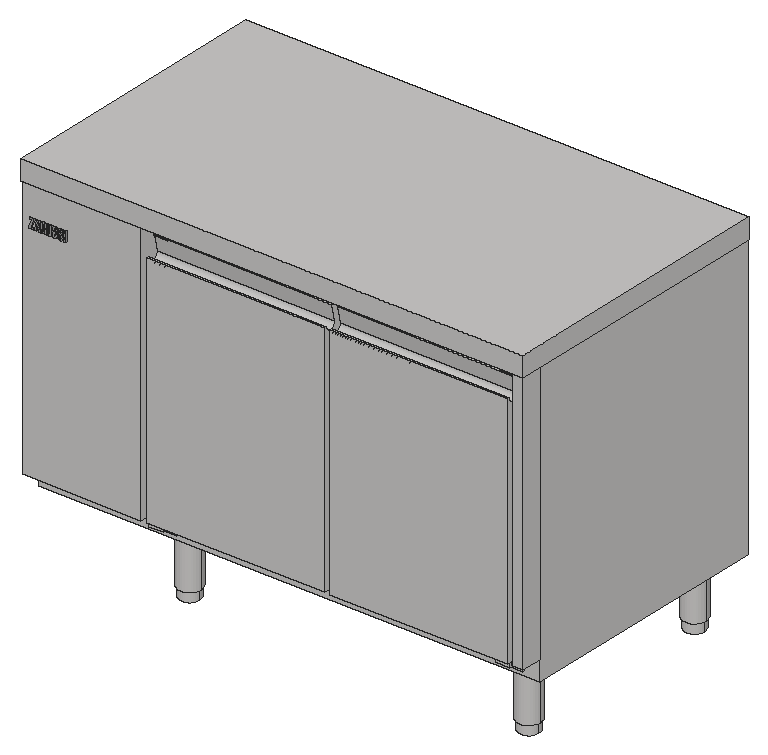
Revit family "QF_ZANUSSI_111111_ZK2HBAA", category Attrezzature speciali, Revit 2018
Family settings
  Quota connettore circolare = Usa diametro
  Tipo di parte = Normale
  Basato su piano di lavoro = No
  Sempre verticale = Sì
  Taglio con vuoti quando caricato = No
  Condiviso = No
  Punto di calcolo locali = No
Parameters (values of type "Standard")
  Weight = 94.00 kg
  Watts = 220 W
  Volts = 220 V
  URL Manufacturer = "http://www.zanussiprofessional.com"
  URL = "http://www.zanussiprofessional.com"
  Steam Supply Size = 0 mm
  Steam Supply Minimum Pressure = 0.0 Pa
  Steam Supply Maximum Pressure = 0.0 Pa
  Steam Consumption per Hour = 0
  Refrigeration Suction Line Size = 0 mm
  Refrigeration Liquid Line Size = 0 mm
  Refrigerant Compressor Remote = yes
  Produttore = "Zanussi"
  Phase = 1
  Modello = "ZK2HBAA"
  Length Actual = 1245 mm  # constant formula
  Item Number = "111111"
  Hot Water Size = 0 mm
  Height Actual = 900 mm  # constant formula
  HP = "0.3 HP"
  Gas Size = 0 mm
  Gas KW = 0
  Gas Input Pressure = 0 W
  Direct Waste Size = 0 mm
  Descrizione = "2-DOOR REFRIGERATED COUNTER, -2+10°C, AISI 304 (R290)"
  Depth Actual = 700 mm  # constant formula
  Cycle = 50 Hz
  Condensate Return Size = 0 mm
  Compressed Air Volume = 0.0 L/s
  Compressed Air Size = 0 mm
  Compressed Air Pressure = 0.0 Pa
  Cold Water Size = 0 mm
  Accessory = yes
Values of the unnamed type that differ from the named types
  Weight = 0.00 kg
  Watts = 0 W
  Volts = 0 V
  URL Manufacturer = ""
  Item Number = ""
  HP = ""
  Cycle = 0 Hz
Reference planes
  plane 1: z = 0
  plane 2 "Center (Left/Right)": x = -126.5
  plane 3 "Center (Front/Back)": y = 64.5
  plane 4 "BACK": y = 414.5
  plane 5 "FRONT": y = -285.5
  plane 6 "LEFT": x = -749
  plane 7 "RIGHT": x = 496
  plane 8 "FEET": z = 150
  plane 9 "TOP": z = 900
  plane 10 "PLAIN": z = 850
  plane 11 "EI_back": y = 105.5
  plane 12 "EI_left": x = -684
  plane 13 "BorderBack": y = 414.5
  plane 14 "BorderFront": y = -280.5
  plane 15 "DOOR": y = -230.5
  plane 16 "BorderLeft": x = -747
  plane 17 "BorderRight": x = 494
  plane 18: x = -722
  plane 19: x = 469
Forms (mm)
  Extrusion 1, solid, material "QF_Finishes_Stainless Steel"
    sketch origin (-1022.223, -1524, 150) x (-1, 0, 0) y (0, -1, 0)
      loop
        circle (-338.223, -1629.5) r 5
    from 0 to -40
  Extrusion 2, solid, material "QF_Finishes_Stainless Steel"
    sketch origin (-1022.223, -1524, 150) x (-1, 0, 0) y (0, -1, 0)
      loop
        line (-1491.223, -1293.5) -> (-1491.223, -1243.5) -> (-1516.223, -1243.5) -> (-1516.223, -1293.5) -> (-1491.223, -1293.5)
    from 48 to 700
  Extrusion 3, solid, material "QF_Finishes_Stainless Steel"
    sketch origin (-1022.223, -1524, 150) x (-1, 0, 0) y (0, -1, 0)
      loop
        line (-275.223, -1938.5) -> (-275.223, -1293.5) -> (-1516.223, -1293.5) -> (-1516.223, -1938.5) -> (-275.223, -1938.5)
    from 0 to 700
Dimensions and locks
  equal spacing: plane 6 "LEFT", plane 2 "Center (Left/Right)", plane 7 "RIGHT"
  plane 4 "BACK" to plane 5 "FRONT" = 700 mm  (x2)
  plane 8 "FEET" to level = 150 mm
  plane 4 "BACK" to plane 13 "BorderBack" = 0 mm
  plane 14 "BorderFront" to plane 5 "FRONT" = 5 mm
  plane 15 "DOOR" to plane 14 "BorderFront" = 50 mm
  plane 6 "LEFT" to plane 16 "BorderLeft" = 2 mm
  plane 17 "BorderRight" to plane 7 "RIGHT" = 2 mm
  plane 10 "PLAIN" to plane 8 "FEET" = 700 mm
  plane 9 "TOP" to plane 10 "PLAIN" = 50 mm
  plane 16 "BorderLeft" to plane 18 = 25 mm
  plane 19 to plane 17 "BorderRight" = 25 mm
  plane 13 "BorderBack" to plane 11 "EI_back" = 309 mm
  plane 16 "BorderLeft" to plane 12 "EI_left" = 63 mm
  plane 6 "LEFT" to plane 7 "RIGHT" = 1245 mm
  equal spacing: plane 4 "BACK", plane 3 "Center (Front/Back)", plane 5 "FRONT"
  aligned and locked: level to plane 1
Automatic sketch dimensions
  Extrusion 1 sketch curve to plane 11 "EI_back" = 0 mm
  Extrusion 1 sketch curve to plane 12 "EI_left" = 0 mm
  Extrusion 2 sketch curve to plane 15 "DOOR" = 0 mm
  Extrusion 2 sketch curve to plane 17 "BorderRight" = 0 mm
  Extrusion 2 sketch curve to plane 14 "BorderFront" = 0 mm
  Extrusion 2 sketch curve to plane 19 = 0 mm
  Extrusion 3 sketch curve to plane 13 "BorderBack" = 0 mm
  Extrusion 3 sketch curve to plane 17 "BorderRight" = 0 mm
  Extrusion 3 sketch curve to plane 15 "DOOR" = 0 mm
  Extrusion 3 sketch curve to plane 16 "BorderLeft" = 0 mm
  radius of Extrusion 1 sketch curve = 5 mm
Nested families
  nested 1: "HPC_PLAIN" at (0, 0, 0), type "HPC_PLAIN"
    with Show Logo yes, Show Clearance yes, Length 1245 mm
  nested 2: "HPC_Refrigerator" at (496, -280.5, 0), type "HPC_Refrigerator"
  nested 3: "HPC_FEET" at (-413, 333.5, 0), type "HPC_FEET"
  nested 4: "HPC_FEET" at (428, 333.5, 0), type "HPC_FEET"
  nested 5: "HPC_FEET" at (-413, -180.5, 0), type "HPC_FEET"
  nested 6: "HPC_FEET" at (428, -180.5, 0), type "HPC_FEET"
  nested 7: "HPC_ZAN_BI_TN_L" at (-540.08, -230.5, 598) x (1, 0, 0) z (0, -1, 0), type "HPC_ZAN_BI_TN_L"
    with Show Logo yes
  nested 8: "HPC_ZAN_SD_L" at (-219, -230.5, 512) x (1, 0, 0) z (0, -1, 0), type "HPC_ZAN_SD_L"
    with Show Clearance yes
  nested 9: "HPC_ZAN_SD_R" at (235, -230.5, 512) x (1, 0, 0) z (0, -1, 0), type "HPC_ZAN_SD_R"
    with Show Clearance yes
Connectors
  electrical at (-684, 105.5, 110), driven by "Volts"
    settings: on Extrusion 1, index 1, voltage 220 V, apparent load 0 VA, apparent load phase1 0 VA, apparent load phase2 0 VA, apparent load phase3 0 VA, power factor 1, load classification "Other", number of poles 1, system type 31, power factor state 1, is connector primary yes, connector utility no, sub classification motor no, connector description "Electrical Connection"
Definition of nested family "HPC_PLAIN"
  Parameters
    Show Logo [instance] = yes
    Show Clearance [instance] = yes
    Plain = 50 mm
    Manufacturer = ""
    Model = ""
    Length = 1000 mm
    Height = 700 mm
    Feet = 150 mm
    Depth = 700 mm
    Description = ""
  Reference planes
    plane 1 "Center (Front/Back)": y = 64.5
    plane 2: z = 0
    plane 3 "Center (Left/Right)": x = -126.5
    plane 4 "BACK": y = 414.5
    plane 5 "FRONT": y = -285.5
    plane 6 "LEFT": x = -626.5
    plane 7 "RIGHT": x = 373.5
    plane 8 "FEET": z = 150
    plane 9 "TOP": z = 900
    plane 10 "PLAIN": z = 850
  Forms (mm)
    Extrusion 1, solid
      sketch origin (-626.5, 0, 0) x (0, 1, 0) y (0, 0, 1)
        loop
          line (414.5, 900) -> (-285.5, 900) -> (-285.5, 850) -> (414.5, 850) -> (414.5, 900)
      from 0 to 1000 <- "Length"
  Lines and regions (mm)
    symbolic lines
      curve 1: line (373.5, 414.5, 150) -> (-626.5, 414.5, 150)
      curve 2: line (-626.5, 414.5, 150) -> (-626.5, -285.5, 150)
      curve 3: line (-626.5, -285.5, 150) -> (373.5, -285.5, 150)
      curve 4: line (373.5, -285.5, 150) -> (373.5, 414.5, 150)
      curve 5: line (-626.5, -230.5, 150) -> (373.5, -230.5, 150)
  Dimensions and locks
    equal spacing: plane 6 "LEFT", plane 3 "Center (Left/Right)", plane 7 "RIGHT"
    equal spacing: plane 4 "BACK", plane 1 "Center (Front/Back)", plane 5 "FRONT"
    plane 4 "BACK" to plane 5 "FRONT" = 700 mm
    "Feet": plane 8 "FEET" to level
    "Height": plane 10 "PLAIN" to plane 8 "FEET"
    "Plain": plane 9 "TOP" to plane 10 "PLAIN"
    "Length": plane 6 "LEFT" to plane 7 "RIGHT"
    "Depth": plane 4 "BACK" to plane 5 "FRONT"
    aligned and locked: level to plane 2
  Automatic sketch dimensions
    Extrusion 1 sketch curve to plane 5 "FRONT" = 0 mm
    Extrusion 1 sketch curve to plane 4 "BACK" = 0 mm
    Extrusion 1 sketch curve to plane 10 "PLAIN" = 0 mm
    Extrusion 1 sketch curve to plane 9 "TOP" = 0 mm
    curve 1 to plane 4 "BACK" = 0 mm
    plane 5 "FRONT" to curve 5 = 55 mm
    curve 5 to plane 7 "RIGHT" = 0 mm
    curve 5 to plane 6 "LEFT" = 0 mm
    curve 3 to plane 5 "FRONT" = 0 mm
Definition of nested family "HPC_FEET"
  Parameters
    FEET = 150 mm
  Reference planes
    plane 1 "Center (Front/Back)": y = 0
    plane 2: z = 0
    plane 3 "Center (Left/Right)": x = 0
    plane 4: z = 150
  Forms (mm)
    Revolve 1, solid
      sketch origin (255.05, 0, 608.09) x (0, 0, 1) y (-1, 0, 0)
        loop
          line (-608.09, 255.05) -> (-608.09, 230.05) -> (-583.09, 230.05) -> (-583.09, 226.05) -> (-458.09, 226.05) -> (-458.09, 255.05) -> (-608.09, 255.05)
        axis (-608.09, 255.05) -> (-458.09, 255.05)
      angle from 0 to 360
  Dimensions and locks
    locked: Revolve 1 sketch curve to Revolve 1 sketch curve at 125
    "FEET": plane 4 to plane 2
    aligned and locked: level to plane 2
    aligned and locked: plane 4 to Revolve 1 sketch curve
    aligned and locked: Revolve 1 sketch curve to level
    aligned and locked: plane 3 "Center (Left/Right)" to Revolve 1 sketch curve
  Automatic sketch dimensions
    Revolve 1 sketch curve to plane 3 "Center (Left/Right)" = 0 mm
    Revolve 1 sketch curve to Revolve 1 sketch curve = 25 mm
    Revolve 1 sketch curve to Revolve 1 sketch curve = 29 mm
    plane 4 to Revolve 1 sketch curve = 50 mm
    Revolve 1 sketch curve to Revolve 1 sketch curve = 20 mm
Definition of nested family "HPC_ZAN_BI_TN_L"
  Parameters
    Show Logo [instance] = yes
    Default Elevation = 1219.2 mm
  Reference planes
    plane 1 "Center (Front/Back)": y = -74
    plane 2: z = 0
    plane 3 "Center (Left/Right)": x = -59.92
    plane 4: x = -206.92
    plane 5: x = 87.08
    plane 6: y = 252
    plane 7: y = -400
  Forms (mm)
    Extrusion 1, solid
      sketch origin (0, 0, 0) x (1, 0, 0) y (0, 1, 0)
        loop
          line (-1219.2, 1219.2) -> (-1219.2, -1219.2) -> (1219.2, -1219.2) -> (1219.2, 1219.2) -> (-1219.2, 1219.2)
      from 0 to -304.8
    Extrusion 2, solid
      sketch origin (0, 0, 0) x (1, 0, 0) y (0, 1, 0)
        loop
          line (-206.92, 252) -> (-206.92, -400) -> (87.08, -400) -> (87.08, 252) -> (-206.92, 252)
      from 0 to 50
    Extrusion 3, solid, not visible
      sketch origin (0, 0, 0) x (1, 0, 0) y (0, 1, 0)
        loop
          line (-206.92, 252) -> (-206.92, -400) -> (87.08, -400) -> (87.08, 252) -> (-206.92, 252)
      from 0 to 50
    Extrusion 4, solid
      sketch origin (0, 0, 0) x (1, 0, 0) y (0, 1, 0)
        loop
          line (-176.98, 153.377) -> (-176.98, 158.29) -> (-184.348, 158.29) -> (-176.98, 173.31) -> (-176.98, 177.381) -> (-189.192, 177.381) -> (-189.192, 172.889) -> (-182.735, 173.029) -> (-189.754, 158.29) -> (-189.754, 153.377) -> (-176.98, 153.377)
        loop
          line (-169.929, 162.361) -> (-167.122, 162.361) -> (-168.525, 173.278) -> (-169.929, 162.361)
        loop
          line (-171.192, 153.377) -> (-170.491, 158.009) -> (-166.42, 158.009) -> (-165.718, 153.377) -> (-160.664, 153.377) -> (-165.156, 177.381) -> (-171.894, 177.381) -> (-176.246, 153.377) -> (-171.192, 153.377)
        loop
          line (-160.042, 177.381) -> (-160.042, 153.377) -> (-155.691, 153.377) -> (-155.691, 169.239) -> (-151.62, 153.377) -> (-146.286, 153.377) -> (-146.286, 177.381) -> (-150.778, 177.381) -> (-150.778, 162.08) -> (-154.848, 177.381) -> (-160.042, 177.381)
        loop
          arc (-145.163, 159.313) -> (-139.158, 153.338) -> (-132.389, 158.43) r 6.468
          line (-132.389, 158.43) -> (-132.389, 177.381) -> (-137.302, 177.381) -> (-137.302, 159.553)
          arc (-137.302, 159.553) -> (-138.593, 158.064) -> (-140.25, 159.132) r 1.504
          line (-140.25, 159.132) -> (-140.25, 177.381) -> (-145.163, 177.381) -> (-145.163, 159.313)
        loop
          line (-123.264, 169.8) -> (-118.632, 169.8) -> (-118.556, 171.983)
          arc (-118.556, 171.983) -> (-118.879, 174.415) -> (-120.404, 176.338) r 4.609
          arc (-120.404, 176.338) -> (-124.888, 177.8) -> (-129.372, 176.338) r 7.606
          arc (-129.372, 176.338) -> (-131.2, 172.788) -> (-130.974, 168.801) r 7.59
          arc (-130.974, 168.801) -> (-129.472, 166.597) -> (-127.628, 164.67) r 16.193
          line (-127.628, 164.67) -> (-125.559, 162.836)
          arc (-125.559, 162.836) -> (-124.336, 161.798) -> (-123.386, 160.505) r 6.904
          arc (-123.386, 160.505) -> (-123.621, 158.247) -> (-125.834, 157.743) r 1.95
          arc (-125.834, 157.743) -> (-126.501, 158.417) -> (-126.786, 159.321) r 2.021
          arc (-126.786, 159.321) -> (-126.808, 159.958) -> (-126.786, 160.595) r 9.221
          arc (-126.786, 160.595) -> (-126.765, 161.197) -> (-126.786, 161.799) r 8.711
          line (-126.786, 161.799) -> (-131.687, 161.799)
          arc (-131.687, 161.799) -> (-131.64, 158.363) -> (-130.285, 155.205) r 8.837
          arc (-130.285, 155.205) -> (-123.886, 153.382) -> (-118.495, 157.284) r 7.618
          arc (-118.495, 157.284) -> (-118.397, 161.313) -> (-120.126, 164.954) r 8.7
          line (-120.126, 164.954) -> (-125.51, 169.8)
          arc (-125.51, 169.8) -> (-126.239, 170.716) -> (-126.629, 171.818) r 3.541
          arc (-126.629, 171.818) -> (-125.243, 173.797) -> (-123.264, 172.411) r 1.708
          line (-123.264, 172.411) -> (-123.264, 169.8)
        loop
          line (-109.264, 169.8) -> (-104.632, 169.8) -> (-104.556, 171.983)
          arc (-104.556, 171.983) -> (-104.879, 174.415) -> (-106.404, 176.338) r 4.609
          arc (-106.404, 176.338) -> (-110.888, 177.8) -> (-115.372, 176.338) r 7.606
          arc (-115.372, 176.338) -> (-117.2, 172.788) -> (-116.974, 168.801) r 7.59
          arc (-116.974, 168.801) -> (-115.472, 166.597) -> (-113.628, 164.67) r 16.193
          line (-113.628, 164.67) -> (-111.559, 162.836)
          arc (-111.559, 162.836) -> (-110.336, 161.798) -> (-109.386, 160.505) r 6.904
          arc (-109.386, 160.505) -> (-109.621, 158.247) -> (-111.834, 157.743) r 1.95
          arc (-111.834, 157.743) -> (-112.501, 158.417) -> (-112.786, 159.321) r 2.021
          arc (-112.786, 159.321) -> (-112.808, 159.958) -> (-112.786, 160.595) r 9.221
          arc (-112.786, 160.595) -> (-112.765, 161.197) -> (-112.786, 161.799) r 8.711
          line (-112.786, 161.799) -> (-117.687, 161.799)
          arc (-117.687, 161.799) -> (-117.64, 158.363) -> (-116.285, 155.205) r 8.837
          arc (-116.285, 155.205) -> (-109.886, 153.382) -> (-104.495, 157.284) r 7.618
          arc (-104.495, 157.284) -> (-104.397, 161.313) -> (-106.126, 164.954) r 8.7
          line (-106.126, 164.954) -> (-111.51, 169.8)
          arc (-111.51, 169.8) -> (-112.239, 170.716) -> (-112.629, 171.818) r 3.541
          arc (-112.629, 171.818) -> (-111.243, 173.797) -> (-109.264, 172.411) r 1.708
          line (-109.264, 172.411) -> (-109.264, 169.8)
        loop
          line (-103.612, 177.381) -> (-103.612, 153.377) -> (-98.699, 153.377) -> (-98.699, 177.381) -> (-103.612, 177.381)
      from 50 to 51.6
  Lines and regions (mm)
    Split face 1
      outline origin (-12.5, 0, 50) x (1, 0, 0) y (0, 1, 0)
        loop
          line (-5.42, 177) -> (-5.42, 154) -> (64.58, 154) -> (64.58, 177) -> (-5.42, 177)
    Split face 2
      outline origin (0, 0, 50) x (1, 0, 0) y (0, 1, 0)
        loop
          line (-206.92, 188) -> (87.08, 188)
    Split face 3
      outline origin (0, 0, 50) x (1, 0, 0) y (0, 1, 0)
        loop
          arc (-163.464, 131.824) -> (-167.464, 127.824) -> (-163.464, 123.824) r 4
          line (-163.464, 123.824) -> (-121.464, 123.824)
          arc (-121.464, 123.824) -> (-117.464, 127.824) -> (-121.464, 131.824) r 4
          line (-121.464, 131.824) -> (-163.464, 131.824)
    Split face 4
      outline origin (330, 0, 50) x (1, 0, 0) y (0, 1, 0)
        loop
          arc (-328.464, 131.824) -> (-332.464, 127.824) -> (-328.464, 123.824) r 4
          line (-328.464, 123.824) -> (-286.464, 123.824)
          arc (-286.464, 123.824) -> (-282.464, 127.824) -> (-286.464, 131.824) r 4
          line (-286.464, 131.824) -> (-328.464, 131.824)
    Split face 5
      outline origin (110, 0, 50) x (1, 0, 0) y (0, 1, 0)
        loop
          arc (-218.464, 131.824) -> (-222.464, 127.824) -> (-218.464, 123.824) r 4
          line (-218.464, 123.824) -> (-176.464, 123.824)
          arc (-176.464, 123.824) -> (-172.464, 127.824) -> (-176.464, 131.824) r 4
          line (-176.464, 131.824) -> (-218.464, 131.824)
    Split face 6
      outline origin (220, 0, 50) x (1, 0, 0) y (0, 1, 0)
        loop
          arc (-273.464, 131.824) -> (-277.464, 127.824) -> (-273.464, 123.824) r 4
          line (-273.464, 123.824) -> (-231.464, 123.824)
          arc (-231.464, 123.824) -> (-227.464, 127.824) -> (-231.464, 131.824) r 4
          line (-231.464, 131.824) -> (-273.464, 131.824)
    Split face 7, not visible
      outline origin (0, 0, 50) x (1, 0, 0) y (0, 1, 0)
        loop
          arc (-163.464, 131.824) -> (-167.464, 127.824) -> (-163.464, 123.824) r 4
          line (-163.464, 123.824) -> (-121.464, 123.824)
          arc (-121.464, 123.824) -> (-117.464, 127.824) -> (-121.464, 131.824) r 4
          line (-121.464, 131.824) -> (-163.464, 131.824)
    Split face 8
      outline origin (0, -24, 50) x (1, 0, 0) y (0, 1, 0)
        loop
          arc (-163.464, 143.824) -> (-167.464, 139.824) -> (-163.464, 135.824) r 4
          line (-163.464, 135.824) -> (-121.464, 135.824)
          arc (-121.464, 135.824) -> (-117.464, 139.824) -> (-121.464, 143.824) r 4
          line (-121.464, 143.824) -> (-163.464, 143.824)
    Split face 9
      outline origin (330, -24, 50) x (1, 0, 0) y (0, 1, 0)
        loop
          arc (-328.464, 143.824) -> (-332.464, 139.824) -> (-328.464, 135.824) r 4
          line (-328.464, 135.824) -> (-286.464, 135.824)
          arc (-286.464, 135.824) -> (-282.464, 139.824) -> (-286.464, 143.824) r 4
          line (-286.464, 143.824) -> (-328.464, 143.824)
    Split face 10
      outline origin (110, -24, 50) x (1, 0, 0) y (0, 1, 0)
        loop
          arc (-218.464, 143.824) -> (-222.464, 139.824) -> (-218.464, 135.824) r 4
          line (-218.464, 135.824) -> (-176.464, 135.824)
          arc (-176.464, 135.824) -> (-172.464, 139.824) -> (-176.464, 143.824) r 4
          line (-176.464, 143.824) -> (-218.464, 143.824)
    Split face 11
      outline origin (220, -24, 50) x (1, 0, 0) y (0, 1, 0)
        loop
          arc (-273.464, 143.824) -> (-277.464, 139.824) -> (-273.464, 135.824) r 4
          line (-273.464, 135.824) -> (-231.464, 135.824)
          arc (-231.464, 135.824) -> (-227.464, 139.824) -> (-231.464, 143.824) r 4
          line (-231.464, 143.824) -> (-273.464, 143.824)
    Split face 12
      outline origin (0, -48, 50) x (1, 0, 0) y (0, 1, 0)
        loop
          arc (-163.464, 155.824) -> (-167.464, 151.824) -> (-163.464, 147.824) r 4
          line (-163.464, 147.824) -> (-121.464, 147.824)
          arc (-121.464, 147.824) -> (-117.464, 151.824) -> (-121.464, 155.824) r 4
          line (-121.464, 155.824) -> (-163.464, 155.824)
    Split face 13
      outline origin (330, -48, 50) x (1, 0, 0) y (0, 1, 0)
        loop
          arc (-328.464, 155.824) -> (-332.464, 151.824) -> (-328.464, 147.824) r 4
          line (-328.464, 147.824) -> (-286.464, 147.824)
          arc (-286.464, 147.824) -> (-282.464, 151.824) -> (-286.464, 155.824) r 4
          line (-286.464, 155.824) -> (-328.464, 155.824)
    Split face 14
      outline origin (110, -48, 50) x (1, 0, 0) y (0, 1, 0)
        loop
          arc (-218.464, 155.824) -> (-222.464, 151.824) -> (-218.464, 147.824) r 4
          line (-218.464, 147.824) -> (-176.464, 147.824)
          arc (-176.464, 147.824) -> (-172.464, 151.824) -> (-176.464, 155.824) r 4
          line (-176.464, 155.824) -> (-218.464, 155.824)
    Split face 15
      outline origin (220, -48, 50) x (1, 0, 0) y (0, 1, 0)
        loop
          arc (-273.464, 155.824) -> (-277.464, 151.824) -> (-273.464, 147.824) r 4
          line (-273.464, 147.824) -> (-231.464, 147.824)
          arc (-231.464, 147.824) -> (-227.464, 151.824) -> (-231.464, 155.824) r 4
          line (-231.464, 155.824) -> (-273.464, 155.824)
    Split face 16
      outline origin (0, -72, 50) x (1, 0, 0) y (0, 1, 0)
        loop
          arc (-163.464, 167.824) -> (-167.464, 163.824) -> (-163.464, 159.824) r 4
          line (-163.464, 159.824) -> (-121.464, 159.824)
          arc (-121.464, 159.824) -> (-117.464, 163.824) -> (-121.464, 167.824) r 4
          line (-121.464, 167.824) -> (-163.464, 167.824)
    Split face 17
      outline origin (330, -72, 50) x (1, 0, 0) y (0, 1, 0)
        loop
          arc (-328.464, 167.824) -> (-332.464, 163.824) -> (-328.464, 159.824) r 4
          line (-328.464, 159.824) -> (-286.464, 159.824)
          arc (-286.464, 159.824) -> (-282.464, 163.824) -> (-286.464, 167.824) r 4
          line (-286.464, 167.824) -> (-328.464, 167.824)
    Split face 18
      outline origin (110, -72, 50) x (1, 0, 0) y (0, 1, 0)
        loop
          arc (-218.464, 167.824) -> (-222.464, 163.824) -> (-218.464, 159.824) r 4
          line (-218.464, 159.824) -> (-176.464, 159.824)
          arc (-176.464, 159.824) -> (-172.464, 163.824) -> (-176.464, 167.824) r 4
          line (-176.464, 167.824) -> (-218.464, 167.824)
    Split face 19
      outline origin (220, -72, 50) x (1, 0, 0) y (0, 1, 0)
        loop
          arc (-273.464, 167.824) -> (-277.464, 163.824) -> (-273.464, 159.824) r 4
          line (-273.464, 159.824) -> (-231.464, 159.824)
          arc (-231.464, 159.824) -> (-227.464, 163.824) -> (-231.464, 167.824) r 4
          line (-231.464, 167.824) -> (-273.464, 167.824)
    Split face 20
      outline origin (0, -96, 50) x (1, 0, 0) y (0, 1, 0)
        loop
          arc (-163.464, 179.824) -> (-167.464, 175.824) -> (-163.464, 171.824) r 4
          line (-163.464, 171.824) -> (-121.464, 171.824)
          arc (-121.464, 171.824) -> (-117.464, 175.824) -> (-121.464, 179.824) r 4
          line (-121.464, 179.824) -> (-163.464, 179.824)
    Split face 21
      outline origin (330, -96, 50) x (1, 0, 0) y (0, 1, 0)
        loop
          arc (-328.464, 179.824) -> (-332.464, 175.824) -> (-328.464, 171.824) r 4
          line (-328.464, 171.824) -> (-286.464, 171.824)
          arc (-286.464, 171.824) -> (-282.464, 175.824) -> (-286.464, 179.824) r 4
          line (-286.464, 179.824) -> (-328.464, 179.824)
    Split face 22
      outline origin (110, -96, 50) x (1, 0, 0) y (0, 1, 0)
        loop
          arc (-218.464, 179.824) -> (-222.464, 175.824) -> (-218.464, 171.824) r 4
          line (-218.464, 171.824) -> (-176.464, 171.824)
          arc (-176.464, 171.824) -> (-172.464, 175.824) -> (-176.464, 179.824) r 4
          line (-176.464, 179.824) -> (-218.464, 179.824)
    Split face 23
      outline origin (220, -96, 50) x (1, 0, 0) y (0, 1, 0)
        loop
          arc (-273.464, 179.824) -> (-277.464, 175.824) -> (-273.464, 171.824) r 4
          line (-273.464, 171.824) -> (-231.464, 171.824)
          arc (-231.464, 171.824) -> (-227.464, 175.824) -> (-231.464, 179.824) r 4
          line (-231.464, 179.824) -> (-273.464, 179.824)
    Split face 24
      outline origin (0, -120, 50) x (1, 0, 0) y (0, 1, 0)
        loop
          arc (-163.464, 191.824) -> (-167.464, 187.824) -> (-163.464, 183.824) r 4
          line (-163.464, 183.824) -> (-121.464, 183.824)
          arc (-121.464, 183.824) -> (-117.464, 187.824) -> (-121.464, 191.824) r 4
          line (-121.464, 191.824) -> (-163.464, 191.824)
    Split face 25
      outline origin (330, -120, 50) x (1, 0, 0) y (0, 1, 0)
        loop
          arc (-328.464, 191.824) -> (-332.464, 187.824) -> (-328.464, 183.824) r 4
          line (-328.464, 183.824) -> (-286.464, 183.824)
          arc (-286.464, 183.824) -> (-282.464, 187.824) -> (-286.464, 191.824) r 4
          line (-286.464, 191.824) -> (-328.464, 191.824)
    Split face 26
      outline origin (110, -120, 50) x (1, 0, 0) y (0, 1, 0)
        loop
          arc (-218.464, 191.824) -> (-222.464, 187.824) -> (-218.464, 183.824) r 4
          line (-218.464, 183.824) -> (-176.464, 183.824)
          arc (-176.464, 183.824) -> (-172.464, 187.824) -> (-176.464, 191.824) r 4
          line (-176.464, 191.824) -> (-218.464, 191.824)
    Split face 27
      outline origin (220, -120, 50) x (1, 0, 0) y (0, 1, 0)
        loop
          arc (-273.464, 191.824) -> (-277.464, 187.824) -> (-273.464, 183.824) r 4
          line (-273.464, 183.824) -> (-231.464, 183.824)
          arc (-231.464, 183.824) -> (-227.464, 187.824) -> (-231.464, 191.824) r 4
          line (-231.464, 191.824) -> (-273.464, 191.824)
    Split face 28
      outline origin (0, -144, 50) x (1, 0, 0) y (0, 1, 0)
        loop
          arc (-163.464, 203.824) -> (-167.464, 199.824) -> (-163.464, 195.824) r 4
          line (-163.464, 195.824) -> (-121.464, 195.824)
          arc (-121.464, 195.824) -> (-117.464, 199.824) -> (-121.464, 203.824) r 4
          line (-121.464, 203.824) -> (-163.464, 203.824)
    Split face 29
      outline origin (330, -144, 50) x (1, 0, 0) y (0, 1, 0)
        loop
          arc (-328.464, 203.824) -> (-332.464, 199.824) -> (-328.464, 195.824) r 4
          line (-328.464, 195.824) -> (-286.464, 195.824)
          arc (-286.464, 195.824) -> (-282.464, 199.824) -> (-286.464, 203.824) r 4
          line (-286.464, 203.824) -> (-328.464, 203.824)
    Split face 30
      outline origin (110, -144, 50) x (1, 0, 0) y (0, 1, 0)
        loop
          arc (-218.464, 203.824) -> (-222.464, 199.824) -> (-218.464, 195.824) r 4
          line (-218.464, 195.824) -> (-176.464, 195.824)
          arc (-176.464, 195.824) -> (-172.464, 199.824) -> (-176.464, 203.824) r 4
          line (-176.464, 203.824) -> (-218.464, 203.824)
    Split face 31
      outline origin (220, -144, 50) x (1, 0, 0) y (0, 1, 0)
        loop
          arc (-273.464, 203.824) -> (-277.464, 199.824) -> (-273.464, 195.824) r 4
          line (-273.464, 195.824) -> (-231.464, 195.824)
          arc (-231.464, 195.824) -> (-227.464, 199.824) -> (-231.464, 203.824) r 4
          line (-231.464, 203.824) -> (-273.464, 203.824)
    Split face 32
      outline origin (0, -168, 50) x (1, 0, 0) y (0, 1, 0)
        loop
          arc (-163.464, 215.824) -> (-167.464, 211.824) -> (-163.464, 207.824) r 4
          line (-163.464, 207.824) -> (-121.464, 207.824)
          arc (-121.464, 207.824) -> (-117.464, 211.824) -> (-121.464, 215.824) r 4
          line (-121.464, 215.824) -> (-163.464, 215.824)
    Split face 33
      outline origin (330, -168, 50) x (1, 0, 0) y (0, 1, 0)
        loop
          arc (-328.464, 215.824) -> (-332.464, 211.824) -> (-328.464, 207.824) r 4
          line (-328.464, 207.824) -> (-286.464, 207.824)
          arc (-286.464, 207.824) -> (-282.464, 211.824) -> (-286.464, 215.824) r 4
          line (-286.464, 215.824) -> (-328.464, 215.824)
    Split face 34
      outline origin (110, -168, 50) x (1, 0, 0) y (0, 1, 0)
        loop
          arc (-218.464, 215.824) -> (-222.464, 211.824) -> (-218.464, 207.824) r 4
          line (-218.464, 207.824) -> (-176.464, 207.824)
          arc (-176.464, 207.824) -> (-172.464, 211.824) -> (-176.464, 215.824) r 4
          line (-176.464, 215.824) -> (-218.464, 215.824)
    Split face 35
      outline origin (220, -168, 50) x (1, 0, 0) y (0, 1, 0)
        loop
          arc (-273.464, 215.824) -> (-277.464, 211.824) -> (-273.464, 207.824) r 4
          line (-273.464, 207.824) -> (-231.464, 207.824)
          arc (-231.464, 207.824) -> (-227.464, 211.824) -> (-231.464, 215.824) r 4
          line (-231.464, 215.824) -> (-273.464, 215.824)
    Split face 36
      outline origin (0, -192, 50) x (1, 0, 0) y (0, 1, 0)
        loop
          arc (-163.464, 227.824) -> (-167.464, 223.824) -> (-163.464, 219.824) r 4
          line (-163.464, 219.824) -> (-121.464, 219.824)
          arc (-121.464, 219.824) -> (-117.464, 223.824) -> (-121.464, 227.824) r 4
          line (-121.464, 227.824) -> (-163.464, 227.824)
    Split face 37
      outline origin (330, -192, 50) x (1, 0, 0) y (0, 1, 0)
        loop
          arc (-328.464, 227.824) -> (-332.464, 223.824) -> (-328.464, 219.824) r 4
          line (-328.464, 219.824) -> (-286.464, 219.824)
          arc (-286.464, 219.824) -> (-282.464, 223.824) -> (-286.464, 227.824) r 4
          line (-286.464, 227.824) -> (-328.464, 227.824)
    Split face 38
      outline origin (110, -192, 50) x (1, 0, 0) y (0, 1, 0)
        loop
          arc (-218.464, 227.824) -> (-222.464, 223.824) -> (-218.464, 219.824) r 4
          line (-218.464, 219.824) -> (-176.464, 219.824)
          arc (-176.464, 219.824) -> (-172.464, 223.824) -> (-176.464, 227.824) r 4
          line (-176.464, 227.824) -> (-218.464, 227.824)
    Split face 39
      outline origin (220, -192, 50) x (1, 0, 0) y (0, 1, 0)
        loop
          arc (-273.464, 227.824) -> (-277.464, 223.824) -> (-273.464, 219.824) r 4
          line (-273.464, 219.824) -> (-231.464, 219.824)
          arc (-231.464, 219.824) -> (-227.464, 223.824) -> (-231.464, 227.824) r 4
          line (-231.464, 227.824) -> (-273.464, 227.824)
    Split face 40
      outline origin (0, -216, 50) x (1, 0, 0) y (0, 1, 0)
        loop
          arc (-163.464, 239.824) -> (-167.464, 235.824) -> (-163.464, 231.824) r 4
          line (-163.464, 231.824) -> (-121.464, 231.824)
          arc (-121.464, 231.824) -> (-117.464, 235.824) -> (-121.464, 239.824) r 4
          line (-121.464, 239.824) -> (-163.464, 239.824)
    Split face 41
      outline origin (330, -216, 50) x (1, 0, 0) y (0, 1, 0)
        loop
          arc (-328.464, 239.824) -> (-332.464, 235.824) -> (-328.464, 231.824) r 4
          line (-328.464, 231.824) -> (-286.464, 231.824)
          arc (-286.464, 231.824) -> (-282.464, 235.824) -> (-286.464, 239.824) r 4
          line (-286.464, 239.824) -> (-328.464, 239.824)
    Split face 42
      outline origin (110, -216, 50) x (1, 0, 0) y (0, 1, 0)
        loop
          arc (-218.464, 239.824) -> (-222.464, 235.824) -> (-218.464, 231.824) r 4
          line (-218.464, 231.824) -> (-176.464, 231.824)
          arc (-176.464, 231.824) -> (-172.464, 235.824) -> (-176.464, 239.824) r 4
          line (-176.464, 239.824) -> (-218.464, 239.824)
    Split face 43
      outline origin (220, -216, 50) x (1, 0, 0) y (0, 1, 0)
        loop
          arc (-273.464, 239.824) -> (-277.464, 235.824) -> (-273.464, 231.824) r 4
          line (-273.464, 231.824) -> (-231.464, 231.824)
          arc (-231.464, 231.824) -> (-227.464, 235.824) -> (-231.464, 239.824) r 4
          line (-231.464, 239.824) -> (-273.464, 239.824)
    Split face 44
      outline origin (0, -240, 50) x (1, 0, 0) y (0, 1, 0)
        loop
          arc (-163.464, 251.824) -> (-167.464, 247.824) -> (-163.464, 243.824) r 4
          line (-163.464, 243.824) -> (-121.464, 243.824)
          arc (-121.464, 243.824) -> (-117.464, 247.824) -> (-121.464, 251.824) r 4
          line (-121.464, 251.824) -> (-163.464, 251.824)
    Split face 45
      outline origin (330, -240, 50) x (1, 0, 0) y (0, 1, 0)
        loop
          arc (-328.464, 251.824) -> (-332.464, 247.824) -> (-328.464, 243.824) r 4
          line (-328.464, 243.824) -> (-286.464, 243.824)
          arc (-286.464, 243.824) -> (-282.464, 247.824) -> (-286.464, 251.824) r 4
          line (-286.464, 251.824) -> (-328.464, 251.824)
    Split face 46
      outline origin (110, -240, 50) x (1, 0, 0) y (0, 1, 0)
        loop
          arc (-218.464, 251.824) -> (-222.464, 247.824) -> (-218.464, 243.824) r 4
          line (-218.464, 243.824) -> (-176.464, 243.824)
          arc (-176.464, 243.824) -> (-172.464, 247.824) -> (-176.464, 251.824) r 4
          line (-176.464, 251.824) -> (-218.464, 251.824)
    Split face 47
      outline origin (220, -240, 50) x (1, 0, 0) y (0, 1, 0)
        loop
          arc (-273.464, 251.824) -> (-277.464, 247.824) -> (-273.464, 243.824) r 4
          line (-273.464, 243.824) -> (-231.464, 243.824)
          arc (-231.464, 243.824) -> (-227.464, 247.824) -> (-231.464, 251.824) r 4
          line (-231.464, 251.824) -> (-273.464, 251.824)
    Split face 48
      outline origin (0, -264, 50) x (1, 0, 0) y (0, 1, 0)
        loop
          arc (-163.464, 263.824) -> (-167.464, 259.824) -> (-163.464, 255.824) r 4
          line (-163.464, 255.824) -> (-121.464, 255.824)
          arc (-121.464, 255.824) -> (-117.464, 259.824) -> (-121.464, 263.824) r 4
          line (-121.464, 263.824) -> (-163.464, 263.824)
    Split face 49
      outline origin (330, -264, 50) x (1, 0, 0) y (0, 1, 0)
        loop
          arc (-328.464, 263.824) -> (-332.464, 259.824) -> (-328.464, 255.824) r 4
          line (-328.464, 255.824) -> (-286.464, 255.824)
          arc (-286.464, 255.824) -> (-282.464, 259.824) -> (-286.464, 263.824) r 4
          line (-286.464, 263.824) -> (-328.464, 263.824)
    Split face 50
      outline origin (110, -264, 50) x (1, 0, 0) y (0, 1, 0)
        loop
          arc (-218.464, 263.824) -> (-222.464, 259.824) -> (-218.464, 255.824) r 4
          line (-218.464, 255.824) -> (-176.464, 255.824)
          arc (-176.464, 255.824) -> (-172.464, 259.824) -> (-176.464, 263.824) r 4
          line (-176.464, 263.824) -> (-218.464, 263.824)
    Split face 51
      outline origin (220, -264, 50) x (1, 0, 0) y (0, 1, 0)
        loop
          arc (-273.464, 263.824) -> (-277.464, 259.824) -> (-273.464, 255.824) r 4
          line (-273.464, 255.824) -> (-231.464, 255.824)
          arc (-231.464, 255.824) -> (-227.464, 259.824) -> (-231.464, 263.824) r 4
          line (-231.464, 263.824) -> (-273.464, 263.824)
    Split face 52
      outline origin (0, -288, 50) x (1, 0, 0) y (0, 1, 0)
        loop
          arc (-163.464, 275.824) -> (-167.464, 271.824) -> (-163.464, 267.824) r 4
          line (-163.464, 267.824) -> (-121.464, 267.824)
          arc (-121.464, 267.824) -> (-117.464, 271.824) -> (-121.464, 275.824) r 4
          line (-121.464, 275.824) -> (-163.464, 275.824)
    Split face 53
      outline origin (330, -288, 50) x (1, 0, 0) y (0, 1, 0)
        loop
          arc (-328.464, 275.824) -> (-332.464, 271.824) -> (-328.464, 267.824) r 4
          line (-328.464, 267.824) -> (-286.464, 267.824)
          arc (-286.464, 267.824) -> (-282.464, 271.824) -> (-286.464, 275.824) r 4
          line (-286.464, 275.824) -> (-328.464, 275.824)
    Split face 54
      outline origin (110, -288, 50) x (1, 0, 0) y (0, 1, 0)
        loop
          arc (-218.464, 275.824) -> (-222.464, 271.824) -> (-218.464, 267.824) r 4
          line (-218.464, 267.824) -> (-176.464, 267.824)
          arc (-176.464, 267.824) -> (-172.464, 271.824) -> (-176.464, 275.824) r 4
          line (-176.464, 275.824) -> (-218.464, 275.824)
    Split face 55
      outline origin (220, -288, 50) x (1, 0, 0) y (0, 1, 0)
        loop
          arc (-273.464, 275.824) -> (-277.464, 271.824) -> (-273.464, 267.824) r 4
          line (-273.464, 267.824) -> (-231.464, 267.824)
          arc (-231.464, 267.824) -> (-227.464, 271.824) -> (-231.464, 275.824) r 4
          line (-231.464, 275.824) -> (-273.464, 275.824)
    Split face 56
      outline origin (0, -312, 50) x (1, 0, 0) y (0, 1, 0)
        loop
          arc (-163.464, 287.824) -> (-167.464, 283.824) -> (-163.464, 279.824) r 4
          line (-163.464, 279.824) -> (-121.464, 279.824)
          arc (-121.464, 279.824) -> (-117.464, 283.824) -> (-121.464, 287.824) r 4
          line (-121.464, 287.824) -> (-163.464, 287.824)
    Split face 57
      outline origin (330, -312, 50) x (1, 0, 0) y (0, 1, 0)
        loop
          arc (-328.464, 287.824) -> (-332.464, 283.824) -> (-328.464, 279.824) r 4
          line (-328.464, 279.824) -> (-286.464, 279.824)
          arc (-286.464, 279.824) -> (-282.464, 283.824) -> (-286.464, 287.824) r 4
          line (-286.464, 287.824) -> (-328.464, 287.824)
    Split face 58
      outline origin (110, -312, 50) x (1, 0, 0) y (0, 1, 0)
        loop
          arc (-218.464, 287.824) -> (-222.464, 283.824) -> (-218.464, 279.824) r 4
          line (-218.464, 279.824) -> (-176.464, 279.824)
          arc (-176.464, 279.824) -> (-172.464, 283.824) -> (-176.464, 287.824) r 4
          line (-176.464, 287.824) -> (-218.464, 287.824)
    Split face 59
      outline origin (220, -312, 50) x (1, 0, 0) y (0, 1, 0)
        loop
          arc (-273.464, 287.824) -> (-277.464, 283.824) -> (-273.464, 279.824) r 4
          line (-273.464, 279.824) -> (-231.464, 279.824)
          arc (-231.464, 279.824) -> (-227.464, 283.824) -> (-231.464, 287.824) r 4
          line (-231.464, 287.824) -> (-273.464, 287.824)
    Split face 60
      outline origin (0, -336, 50) x (1, 0, 0) y (0, 1, 0)
        loop
          arc (-163.464, 299.824) -> (-167.464, 295.824) -> (-163.464, 291.824) r 4
          line (-163.464, 291.824) -> (-121.464, 291.824)
          arc (-121.464, 291.824) -> (-117.464, 295.824) -> (-121.464, 299.824) r 4
          line (-121.464, 299.824) -> (-163.464, 299.824)
    Split face 61
      outline origin (330, -336, 50) x (1, 0, 0) y (0, 1, 0)
        loop
          arc (-328.464, 299.824) -> (-332.464, 295.824) -> (-328.464, 291.824) r 4
          line (-328.464, 291.824) -> (-286.464, 291.824)
          arc (-286.464, 291.824) -> (-282.464, 295.824) -> (-286.464, 299.824) r 4
          line (-286.464, 299.824) -> (-328.464, 299.824)
    Split face 62
      outline origin (110, -336, 50) x (1, 0, 0) y (0, 1, 0)
        loop
          arc (-218.464, 299.824) -> (-222.464, 295.824) -> (-218.464, 291.824) r 4
          line (-218.464, 291.824) -> (-176.464, 291.824)
          arc (-176.464, 291.824) -> (-172.464, 295.824) -> (-176.464, 299.824) r 4
          line (-176.464, 299.824) -> (-218.464, 299.824)
    Split face 63
      outline origin (220, -336, 50) x (1, 0, 0) y (0, 1, 0)
        loop
          arc (-273.464, 299.824) -> (-277.464, 295.824) -> (-273.464, 291.824) r 4
          line (-273.464, 291.824) -> (-231.464, 291.824)
          arc (-231.464, 291.824) -> (-227.464, 295.824) -> (-231.464, 299.824) r 4
          line (-231.464, 299.824) -> (-273.464, 299.824)
    Split face 64
      outline origin (0, -360, 50) x (1, 0, 0) y (0, 1, 0)
        loop
          arc (-163.464, 311.824) -> (-167.464, 307.824) -> (-163.464, 303.824) r 4
          line (-163.464, 303.824) -> (-121.464, 303.824)
          arc (-121.464, 303.824) -> (-117.464, 307.824) -> (-121.464, 311.824) r 4
          line (-121.464, 311.824) -> (-163.464, 311.824)
    Split face 65
      outline origin (330, -360, 50) x (1, 0, 0) y (0, 1, 0)
        loop
          arc (-328.464, 311.824) -> (-332.464, 307.824) -> (-328.464, 303.824) r 4
          line (-328.464, 303.824) -> (-286.464, 303.824)
          arc (-286.464, 303.824) -> (-282.464, 307.824) -> (-286.464, 311.824) r 4
          line (-286.464, 311.824) -> (-328.464, 311.824)
    Split face 66
      outline origin (110, -360, 50) x (1, 0, 0) y (0, 1, 0)
        loop
          arc (-218.464, 311.824) -> (-222.464, 307.824) -> (-218.464, 303.824) r 4
          line (-218.464, 303.824) -> (-176.464, 303.824)
          arc (-176.464, 303.824) -> (-172.464, 307.824) -> (-176.464, 311.824) r 4
          line (-176.464, 311.824) -> (-218.464, 311.824)
    Split face 67
      outline origin (220, -360, 50) x (1, 0, 0) y (0, 1, 0)
        loop
          arc (-273.464, 311.824) -> (-277.464, 307.824) -> (-273.464, 303.824) r 4
          line (-273.464, 303.824) -> (-231.464, 303.824)
          arc (-231.464, 303.824) -> (-227.464, 307.824) -> (-231.464, 311.824) r 4
          line (-231.464, 311.824) -> (-273.464, 311.824)
    Split face 68
      outline origin (0, 0, 50) x (1, 0, 0) y (0, 1, 0)
        loop
          line (-206.92, 143) -> (87.08, 143)
    Split face 69
      outline origin (0, -663.3, 50) x (1, 0, 0) y (0, 1, 0)
        loop
          arc (-163.464, 463.474) -> (-167.464, 459.474) -> (-163.464, 455.474) r 4
          line (-163.464, 455.474) -> (-121.464, 455.474)
          arc (-121.464, 455.474) -> (-117.464, 459.474) -> (-121.464, 463.474) r 4
          line (-121.464, 463.474) -> (-163.464, 463.474)
    Split face 70
      outline origin (330, -663.3, 50) x (1, 0, 0) y (0, 1, 0)
        loop
          arc (-328.464, 463.474) -> (-332.464, 459.474) -> (-328.464, 455.474) r 4
          line (-328.464, 455.474) -> (-286.464, 455.474)
          arc (-286.464, 455.474) -> (-282.464, 459.474) -> (-286.464, 463.474) r 4
          line (-286.464, 463.474) -> (-328.464, 463.474)
    Split face 71
      outline origin (110, -663.3, 50) x (1, 0, 0) y (0, 1, 0)
        loop
          arc (-218.464, 463.474) -> (-222.464, 459.474) -> (-218.464, 455.474) r 4
          line (-218.464, 455.474) -> (-176.464, 455.474)
          arc (-176.464, 455.474) -> (-172.464, 459.474) -> (-176.464, 463.474) r 4
          line (-176.464, 463.474) -> (-218.464, 463.474)
    Split face 72
      outline origin (220, -663.3, 50) x (1, 0, 0) y (0, 1, 0)
        loop
          arc (-273.464, 463.474) -> (-277.464, 459.474) -> (-273.464, 455.474) r 4
          line (-273.464, 455.474) -> (-231.464, 455.474)
          arc (-231.464, 455.474) -> (-227.464, 459.474) -> (-231.464, 463.474) r 4
          line (-231.464, 463.474) -> (-273.464, 463.474)
    Split face 73
      outline origin (0, -687.3, 50) x (1, 0, 0) y (0, 1, 0)
        loop
          arc (-163.464, 475.474) -> (-167.464, 471.474) -> (-163.464, 467.474) r 4
          line (-163.464, 467.474) -> (-121.464, 467.474)
          arc (-121.464, 467.474) -> (-117.464, 471.474) -> (-121.464, 475.474) r 4
          line (-121.464, 475.474) -> (-163.464, 475.474)
    Split face 74
      outline origin (330, -687.3, 50) x (1, 0, 0) y (0, 1, 0)
        loop
          arc (-328.464, 475.474) -> (-332.464, 471.474) -> (-328.464, 467.474) r 4
          line (-328.464, 467.474) -> (-286.464, 467.474)
          arc (-286.464, 467.474) -> (-282.464, 471.474) -> (-286.464, 475.474) r 4
          line (-286.464, 475.474) -> (-328.464, 475.474)
    Split face 75
      outline origin (110, -687.3, 50) x (1, 0, 0) y (0, 1, 0)
        loop
          arc (-218.464, 475.474) -> (-222.464, 471.474) -> (-218.464, 467.474) r 4
          line (-218.464, 467.474) -> (-176.464, 467.474)
          arc (-176.464, 467.474) -> (-172.464, 471.474) -> (-176.464, 475.474) r 4
          line (-176.464, 475.474) -> (-218.464, 475.474)
    Split face 76
      outline origin (220, -687.3, 50) x (1, 0, 0) y (0, 1, 0)
        loop
          arc (-273.464, 475.474) -> (-277.464, 471.474) -> (-273.464, 467.474) r 4
          line (-273.464, 467.474) -> (-231.464, 467.474)
          arc (-231.464, 467.474) -> (-227.464, 471.474) -> (-231.464, 475.474) r 4
          line (-231.464, 475.474) -> (-273.464, 475.474)
    Split face 77
      outline origin (0, -711.3, 50) x (1, 0, 0) y (0, 1, 0)
        loop
          arc (-163.464, 487.474) -> (-167.464, 483.474) -> (-163.464, 479.474) r 4
          line (-163.464, 479.474) -> (-121.464, 479.474)
          arc (-121.464, 479.474) -> (-117.464, 483.474) -> (-121.464, 487.474) r 4
          line (-121.464, 487.474) -> (-163.464, 487.474)
    Split face 78
      outline origin (330, -711.3, 50) x (1, 0, 0) y (0, 1, 0)
        loop
          arc (-328.464, 487.474) -> (-332.464, 483.474) -> (-328.464, 479.474) r 4
          line (-328.464, 479.474) -> (-286.464, 479.474)
          arc (-286.464, 479.474) -> (-282.464, 483.474) -> (-286.464, 487.474) r 4
          line (-286.464, 487.474) -> (-328.464, 487.474)
    Split face 79
      outline origin (110, -711.3, 50) x (1, 0, 0) y (0, 1, 0)
        loop
          arc (-218.464, 487.474) -> (-222.464, 483.474) -> (-218.464, 479.474) r 4
          line (-218.464, 479.474) -> (-176.464, 479.474)
          arc (-176.464, 479.474) -> (-172.464, 483.474) -> (-176.464, 487.474) r 4
          line (-176.464, 487.474) -> (-218.464, 487.474)
    Split face 80
      outline origin (220, -711.3, 50) x (1, 0, 0) y (0, 1, 0)
        loop
          arc (-273.464, 487.474) -> (-277.464, 483.474) -> (-273.464, 479.474) r 4
          line (-273.464, 479.474) -> (-231.464, 479.474)
          arc (-231.464, 479.474) -> (-227.464, 483.474) -> (-231.464, 487.474) r 4
          line (-231.464, 487.474) -> (-273.464, 487.474)
    Split face 81
      outline origin (0, -735.3, 50) x (1, 0, 0) y (0, 1, 0)
        loop
          arc (-163.464, 499.474) -> (-167.464, 495.474) -> (-163.464, 491.474) r 4
          line (-163.464, 491.474) -> (-121.464, 491.474)
          arc (-121.464, 491.474) -> (-117.464, 495.474) -> (-121.464, 499.474) r 4
          line (-121.464, 499.474) -> (-163.464, 499.474)
    Split face 82
      outline origin (330, -735.3, 50) x (1, 0, 0) y (0, 1, 0)
        loop
          arc (-328.464, 499.474) -> (-332.464, 495.474) -> (-328.464, 491.474) r 4
          line (-328.464, 491.474) -> (-286.464, 491.474)
          arc (-286.464, 491.474) -> (-282.464, 495.474) -> (-286.464, 499.474) r 4
          line (-286.464, 499.474) -> (-328.464, 499.474)
    Split face 83
      outline origin (110, -735.3, 50) x (1, 0, 0) y (0, 1, 0)
        loop
          arc (-218.464, 499.474) -> (-222.464, 495.474) -> (-218.464, 491.474) r 4
          line (-218.464, 491.474) -> (-176.464, 491.474)
          arc (-176.464, 491.474) -> (-172.464, 495.474) -> (-176.464, 499.474) r 4
          line (-176.464, 499.474) -> (-218.464, 499.474)
    Split face 84
      outline origin (220, -735.3, 50) x (1, 0, 0) y (0, 1, 0)
        loop
          arc (-273.464, 499.474) -> (-277.464, 495.474) -> (-273.464, 491.474) r 4
          line (-273.464, 491.474) -> (-231.464, 491.474)
          arc (-231.464, 491.474) -> (-227.464, 495.474) -> (-231.464, 499.474) r 4
          line (-231.464, 499.474) -> (-273.464, 499.474)
    Split face 85
      outline origin (0, -759.3, 50) x (1, 0, 0) y (0, 1, 0)
        loop
          arc (-163.464, 511.474) -> (-167.464, 507.474) -> (-163.464, 503.474) r 4
          line (-163.464, 503.474) -> (-121.464, 503.474)
          arc (-121.464, 503.474) -> (-117.464, 507.474) -> (-121.464, 511.474) r 4
          line (-121.464, 511.474) -> (-163.464, 511.474)
    Split face 86
      outline origin (330, -759.3, 50) x (1, 0, 0) y (0, 1, 0)
        loop
          arc (-328.464, 511.474) -> (-332.464, 507.474) -> (-328.464, 503.474) r 4
          line (-328.464, 503.474) -> (-286.464, 503.474)
          arc (-286.464, 503.474) -> (-282.464, 507.474) -> (-286.464, 511.474) r 4
          line (-286.464, 511.474) -> (-328.464, 511.474)
    Split face 87
      outline origin (110, -759.3, 50) x (1, 0, 0) y (0, 1, 0)
        loop
          arc (-218.464, 511.474) -> (-222.464, 507.474) -> (-218.464, 503.474) r 4
          line (-218.464, 503.474) -> (-176.464, 503.474)
          arc (-176.464, 503.474) -> (-172.464, 507.474) -> (-176.464, 511.474) r 4
          line (-176.464, 511.474) -> (-218.464, 511.474)
    Split face 88
      outline origin (220, -759.3, 50) x (1, 0, 0) y (0, 1, 0)
        loop
          arc (-273.464, 511.474) -> (-277.464, 507.474) -> (-273.464, 503.474) r 4
          line (-273.464, 503.474) -> (-231.464, 503.474)
          arc (-231.464, 503.474) -> (-227.464, 507.474) -> (-231.464, 511.474) r 4
          line (-231.464, 511.474) -> (-273.464, 511.474)
    Split face 89
      outline origin (0, -783.3, 50) x (1, 0, 0) y (0, 1, 0)
        loop
          arc (-163.464, 523.474) -> (-167.464, 519.474) -> (-163.464, 515.474) r 4
          line (-163.464, 515.474) -> (-121.464, 515.474)
          arc (-121.464, 515.474) -> (-117.464, 519.474) -> (-121.464, 523.474) r 4
          line (-121.464, 523.474) -> (-163.464, 523.474)
    Split face 90
      outline origin (330, -783.3, 50) x (1, 0, 0) y (0, 1, 0)
        loop
          arc (-328.464, 523.474) -> (-332.464, 519.474) -> (-328.464, 515.474) r 4
          line (-328.464, 515.474) -> (-286.464, 515.474)
          arc (-286.464, 515.474) -> (-282.464, 519.474) -> (-286.464, 523.474) r 4
          line (-286.464, 523.474) -> (-328.464, 523.474)
    Split face 91
      outline origin (110, -783.3, 50) x (1, 0, 0) y (0, 1, 0)
        loop
          arc (-218.464, 523.474) -> (-222.464, 519.474) -> (-218.464, 515.474) r 4
          line (-218.464, 515.474) -> (-176.464, 515.474)
          arc (-176.464, 515.474) -> (-172.464, 519.474) -> (-176.464, 523.474) r 4
          line (-176.464, 523.474) -> (-218.464, 523.474)
    Split face 92
      outline origin (220, -783.3, 50) x (1, 0, 0) y (0, 1, 0)
        loop
          arc (-273.464, 523.474) -> (-277.464, 519.474) -> (-273.464, 515.474) r 4
          line (-273.464, 515.474) -> (-231.464, 515.474)
          arc (-231.464, 515.474) -> (-227.464, 519.474) -> (-231.464, 523.474) r 4
          line (-231.464, 523.474) -> (-273.464, 523.474)
    Split face 93
      outline origin (0, -807.3, 50) x (1, 0, 0) y (0, 1, 0)
        loop
          arc (-163.464, 535.474) -> (-167.464, 531.474) -> (-163.464, 527.474) r 4
          line (-163.464, 527.474) -> (-121.464, 527.474)
          arc (-121.464, 527.474) -> (-117.464, 531.474) -> (-121.464, 535.474) r 4
          line (-121.464, 535.474) -> (-163.464, 535.474)
    Split face 94
      outline origin (330, -807.3, 50) x (1, 0, 0) y (0, 1, 0)
        loop
          arc (-328.464, 535.474) -> (-332.464, 531.474) -> (-328.464, 527.474) r 4
          line (-328.464, 527.474) -> (-286.464, 527.474)
          arc (-286.464, 527.474) -> (-282.464, 531.474) -> (-286.464, 535.474) r 4
          line (-286.464, 535.474) -> (-328.464, 535.474)
    Split face 95
      outline origin (110, -807.3, 50) x (1, 0, 0) y (0, 1, 0)
        loop
          arc (-218.464, 535.474) -> (-222.464, 531.474) -> (-218.464, 527.474) r 4
          line (-218.464, 527.474) -> (-176.464, 527.474)
          arc (-176.464, 527.474) -> (-172.464, 531.474) -> (-176.464, 535.474) r 4
          line (-176.464, 535.474) -> (-218.464, 535.474)
    Split face 96
      outline origin (220, -807.3, 50) x (1, 0, 0) y (0, 1, 0)
        loop
          arc (-273.464, 535.474) -> (-277.464, 531.474) -> (-273.464, 527.474) r 4
          line (-273.464, 527.474) -> (-231.464, 527.474)
          arc (-231.464, 527.474) -> (-227.464, 531.474) -> (-231.464, 535.474) r 4
          line (-231.464, 535.474) -> (-273.464, 535.474)
    Split face 97
      outline origin (0, -831.3, 50) x (1, 0, 0) y (0, 1, 0)
        loop
          arc (-163.464, 547.474) -> (-167.464, 543.474) -> (-163.464, 539.474) r 4
          line (-163.464, 539.474) -> (-121.464, 539.474)
          arc (-121.464, 539.474) -> (-117.464, 543.474) -> (-121.464, 547.474) r 4
          line (-121.464, 547.474) -> (-163.464, 547.474)
    Split face 98
      outline origin (330, -831.3, 50) x (1, 0, 0) y (0, 1, 0)
        loop
          arc (-328.464, 547.474) -> (-332.464, 543.474) -> (-328.464, 539.474) r 4
          line (-328.464, 539.474) -> (-286.464, 539.474)
          arc (-286.464, 539.474) -> (-282.464, 543.474) -> (-286.464, 547.474) r 4
          line (-286.464, 547.474) -> (-328.464, 547.474)
    Split face 99
      outline origin (110, -831.3, 50) x (1, 0, 0) y (0, 1, 0)
        loop
          arc (-218.464, 547.474) -> (-222.464, 543.474) -> (-218.464, 539.474) r 4
          line (-218.464, 539.474) -> (-176.464, 539.474)
          arc (-176.464, 539.474) -> (-172.464, 543.474) -> (-176.464, 547.474) r 4
          line (-176.464, 547.474) -> (-218.464, 547.474)
    Split face 100
      outline origin (220, -831.3, 50) x (1, 0, 0) y (0, 1, 0)
        loop
          arc (-273.464, 547.474) -> (-277.464, 543.474) -> (-273.464, 539.474) r 4
          line (-273.464, 539.474) -> (-231.464, 539.474)
          arc (-231.464, 539.474) -> (-227.464, 543.474) -> (-231.464, 547.474) r 4
          line (-231.464, 547.474) -> (-273.464, 547.474)
    Split face 101
      outline origin (0, -855.3, 50) x (1, 0, 0) y (0, 1, 0)
        loop
          arc (-163.464, 559.474) -> (-167.464, 555.474) -> (-163.464, 551.474) r 4
          line (-163.464, 551.474) -> (-121.464, 551.474)
          arc (-121.464, 551.474) -> (-117.464, 555.474) -> (-121.464, 559.474) r 4
          line (-121.464, 559.474) -> (-163.464, 559.474)
    Split face 102
      outline origin (330, -855.3, 50) x (1, 0, 0) y (0, 1, 0)
        loop
          arc (-328.464, 559.474) -> (-332.464, 555.474) -> (-328.464, 551.474) r 4
          line (-328.464, 551.474) -> (-286.464, 551.474)
          arc (-286.464, 551.474) -> (-282.464, 555.474) -> (-286.464, 559.474) r 4
          line (-286.464, 559.474) -> (-328.464, 559.474)
    Split face 103
      outline origin (110, -855.3, 50) x (1, 0, 0) y (0, 1, 0)
        loop
          arc (-218.464, 559.474) -> (-222.464, 555.474) -> (-218.464, 551.474) r 4
          line (-218.464, 551.474) -> (-176.464, 551.474)
          arc (-176.464, 551.474) -> (-172.464, 555.474) -> (-176.464, 559.474) r 4
          line (-176.464, 559.474) -> (-218.464, 559.474)
    Split face 104
      outline origin (220, -855.3, 50) x (1, 0, 0) y (0, 1, 0)
        loop
          arc (-273.464, 559.474) -> (-277.464, 555.474) -> (-273.464, 551.474) r 4
          line (-273.464, 551.474) -> (-231.464, 551.474)
          arc (-231.464, 551.474) -> (-227.464, 555.474) -> (-231.464, 559.474) r 4
          line (-231.464, 559.474) -> (-273.464, 559.474)
    Split face 105
      outline origin (0, -879.3, 50) x (1, 0, 0) y (0, 1, 0)
        loop
          arc (-163.464, 571.474) -> (-167.464, 567.474) -> (-163.464, 563.474) r 4
          line (-163.464, 563.474) -> (-121.464, 563.474)
          arc (-121.464, 563.474) -> (-117.464, 567.474) -> (-121.464, 571.474) r 4
          line (-121.464, 571.474) -> (-163.464, 571.474)
    Split face 106
      outline origin (330, -879.3, 50) x (1, 0, 0) y (0, 1, 0)
        loop
          arc (-328.464, 571.474) -> (-332.464, 567.474) -> (-328.464, 563.474) r 4
          line (-328.464, 563.474) -> (-286.464, 563.474)
          arc (-286.464, 563.474) -> (-282.464, 567.474) -> (-286.464, 571.474) r 4
          line (-286.464, 571.474) -> (-328.464, 571.474)
    Split face 107
      outline origin (110, -879.3, 50) x (1, 0, 0) y (0, 1, 0)
        loop
          arc (-218.464, 571.474) -> (-222.464, 567.474) -> (-218.464, 563.474) r 4
          line (-218.464, 563.474) -> (-176.464, 563.474)
          arc (-176.464, 563.474) -> (-172.464, 567.474) -> (-176.464, 571.474) r 4
          line (-176.464, 571.474) -> (-218.464, 571.474)
    Split face 108
      outline origin (220, -879.3, 50) x (1, 0, 0) y (0, 1, 0)
        loop
          arc (-273.464, 571.474) -> (-277.464, 567.474) -> (-273.464, 563.474) r 4
          line (-273.464, 563.474) -> (-231.464, 563.474)
          arc (-231.464, 563.474) -> (-227.464, 567.474) -> (-231.464, 571.474) r 4
          line (-231.464, 571.474) -> (-273.464, 571.474)
    Split face 109
      outline origin (0, -903.3, 50) x (1, 0, 0) y (0, 1, 0)
        loop
          arc (-163.464, 583.474) -> (-167.464, 579.474) -> (-163.464, 575.474) r 4
          line (-163.464, 575.474) -> (-121.464, 575.474)
          arc (-121.464, 575.474) -> (-117.464, 579.474) -> (-121.464, 583.474) r 4
          line (-121.464, 583.474) -> (-163.464, 583.474)
    Split face 110
      outline origin (330, -903.3, 50) x (1, 0, 0) y (0, 1, 0)
        loop
          arc (-328.464, 583.474) -> (-332.464, 579.474) -> (-328.464, 575.474) r 4
          line (-328.464, 575.474) -> (-286.464, 575.474)
          arc (-286.464, 575.474) -> (-282.464, 579.474) -> (-286.464, 583.474) r 4
          line (-286.464, 583.474) -> (-328.464, 583.474)
    Split face 111
      outline origin (110, -903.3, 50) x (1, 0, 0) y (0, 1, 0)
        loop
          arc (-218.464, 583.474) -> (-222.464, 579.474) -> (-218.464, 575.474) r 4
          line (-218.464, 575.474) -> (-176.464, 575.474)
          arc (-176.464, 575.474) -> (-172.464, 579.474) -> (-176.464, 583.474) r 4
          line (-176.464, 583.474) -> (-218.464, 583.474)
    Split face 112
      outline origin (220, -903.3, 50) x (1, 0, 0) y (0, 1, 0)
        loop
          arc (-273.464, 583.474) -> (-277.464, 579.474) -> (-273.464, 575.474) r 4
          line (-273.464, 575.474) -> (-231.464, 575.474)
          arc (-231.464, 575.474) -> (-227.464, 579.474) -> (-231.464, 583.474) r 4
          line (-231.464, 583.474) -> (-273.464, 583.474)
    Split face 113
      outline origin (0, -927.3, 50) x (1, 0, 0) y (0, 1, 0)
        loop
          arc (-163.464, 595.474) -> (-167.464, 591.474) -> (-163.464, 587.474) r 4
          line (-163.464, 587.474) -> (-121.464, 587.474)
          arc (-121.464, 587.474) -> (-117.464, 591.474) -> (-121.464, 595.474) r 4
          line (-121.464, 595.474) -> (-163.464, 595.474)
    Split face 114
      outline origin (330, -927.3, 50) x (1, 0, 0) y (0, 1, 0)
        loop
          arc (-328.464, 595.474) -> (-332.464, 591.474) -> (-328.464, 587.474) r 4
          line (-328.464, 587.474) -> (-286.464, 587.474)
          arc (-286.464, 587.474) -> (-282.464, 591.474) -> (-286.464, 595.474) r 4
          line (-286.464, 595.474) -> (-328.464, 595.474)
    Split face 115
      outline origin (110, -927.3, 50) x (1, 0, 0) y (0, 1, 0)
        loop
          arc (-218.464, 595.474) -> (-222.464, 591.474) -> (-218.464, 587.474) r 4
          line (-218.464, 587.474) -> (-176.464, 587.474)
          arc (-176.464, 587.474) -> (-172.464, 591.474) -> (-176.464, 595.474) r 4
          line (-176.464, 595.474) -> (-218.464, 595.474)
    Split face 116
      outline origin (220, -927.3, 50) x (1, 0, 0) y (0, 1, 0)
        loop
          arc (-273.464, 595.474) -> (-277.464, 591.474) -> (-273.464, 587.474) r 4
          line (-273.464, 587.474) -> (-231.464, 587.474)
          arc (-231.464, 587.474) -> (-227.464, 591.474) -> (-231.464, 595.474) r 4
          line (-231.464, 595.474) -> (-273.464, 595.474)
    Split face 117
      outline origin (0, -951.3, 50) x (1, 0, 0) y (0, 1, 0)
        loop
          arc (-163.464, 607.474) -> (-167.464, 603.474) -> (-163.464, 599.474) r 4
          line (-163.464, 599.474) -> (-121.464, 599.474)
          arc (-121.464, 599.474) -> (-117.464, 603.474) -> (-121.464, 607.474) r 4
          line (-121.464, 607.474) -> (-163.464, 607.474)
    Split face 118
      outline origin (330, -951.3, 50) x (1, 0, 0) y (0, 1, 0)
        loop
          arc (-328.464, 607.474) -> (-332.464, 603.474) -> (-328.464, 599.474) r 4
          line (-328.464, 599.474) -> (-286.464, 599.474)
          arc (-286.464, 599.474) -> (-282.464, 603.474) -> (-286.464, 607.474) r 4
          line (-286.464, 607.474) -> (-328.464, 607.474)
    Split face 119
      outline origin (110, -951.3, 50) x (1, 0, 0) y (0, 1, 0)
        loop
          arc (-218.464, 607.474) -> (-222.464, 603.474) -> (-218.464, 599.474) r 4
